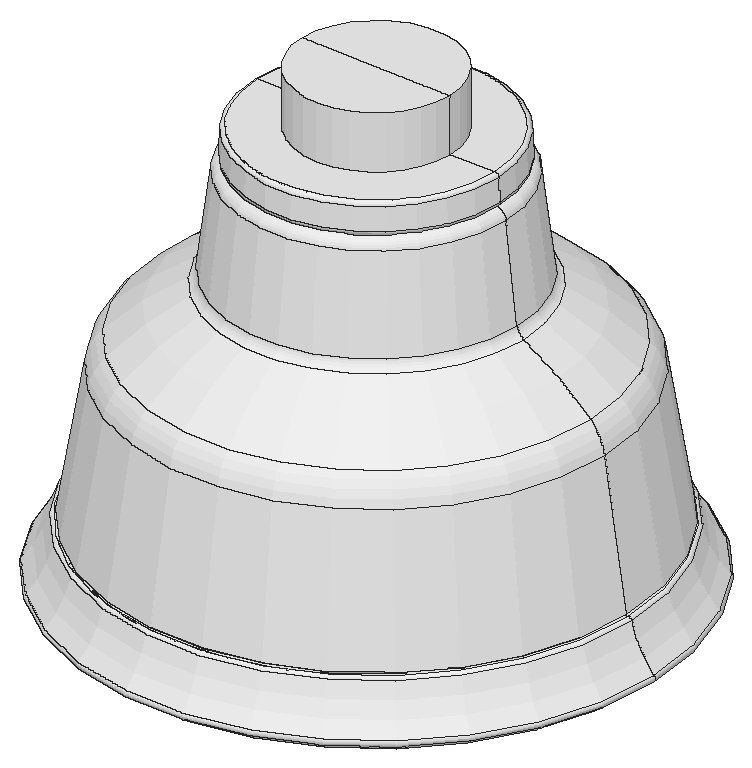
Revit family "Shower_Head-GROHE-Relexa_Rustic_100_Five-27126_Series", category Plumbing Fixtures, Revit 2014
Parameters (values of type "27126001")
  cUPC Compliant = yes
  Width = 4 1/64"  # constant formula
  Waste Connection = no
  Warranty Documentation Link = "https://cdn.cloud.grohe.com/tpi/1000/1900/1940/1949/1949006/original/1949006.pdf"
  WFU = 4
  Vent Connection = no
  URL = "https://www.grohe.us/"
  Tempered Water Connection Radius = 1/4"  # constant formula
  Tempered Water Connection Diameter = Tempered Water Connection Radius * 2  # 1/2"
  Product Page URL = "https://www.grohe.us/en_us/relexa-rustic-shower-head-5-sprays-27126001.html"
  Price = "Prices may vary. Please consult Manufacturer Representative for most up-to-date price list."  # constant formula
  Model = "27126001"
  Material = "Metal-Grohe-001-Chrome"
  Manufacturer = "GROHE"
  Hot Water Connection Radius = Tempered Water Connection Radius  # 1/4"
  Hot Water Connection Diameter = Hot Water Connection Radius * 2  # 1/2"
  Height = 3 25/32"  # constant formula
  HWFU = 3
  HW Connection = yes
  Flow Rate = "2.0GPM (7.6L/min)"
  Finish = Metal-Grohe-001-Chrome
  Description = "Relexa Rustic 100 Five Shower Head 5 Sprays"  # constant formula
  Default Elevation = 0"
  Creation Date = "2017/04/21"  # constant formula
  Cold Water Connection Radius = Hot Water Connection Radius  # 1/4"
  Cold Water Connection Diameter = Cold Water Connection Radius * 2  # 1/2"
  CWFU = 3
  CW Connection = yes
  Assembly Code = "D2010700"
Types (4): name | Product Page URL | Model | Material | Finish
  27126001 | "https://www.grohe.us/en_us/relexa-rustic-shower-head-5-sprays-27126001.html" | "27126001" | "Metal-Grohe-001-Chrome" | Metal-Grohe-001-Chrome
  27126BE1 | "https://www.grohe.us/en_us/relexa-rustic-100-five-shower-head-5-sprays-27126BE1.html" | "27126BE1" | "Metal-Grohe-BE1-Nickel" | Metal-Grohe-BE1-Nickel
  27126ZB1 | "https://www.grohe.us/en_us/relexa-rustic-100-five-shower-head-5-sprays-27126ZB1.html" | "27126ZB1" | "Metal-Grohe-ZB1-Oil Rubbed Bronze" | Metal-Grohe-ZB1-Oil Rubbed Bronze
  27126EN1 | "https://www.grohe.us/en_us/relexa-rustic-100-five-shower-head-5-sprays-27126EN1.html" | "27126EN1" | "Metal-Grohe-EN1-Brushed Nickel" | Metal-Grohe-EN1-Brushed Nickel
Reference planes (in)
  plane 1 "Center (Front/Back)": y = 0
  plane 2: z = 0
  plane 3 "Center (Left/Right)": x = 0
  plane 4: z = -3.78125
  plane 5: x = -2.00781
  plane 6: x = 2.00781
Forms (in)
  Revolve 1, solid, material "Metal-Grohe-001-Chrome" <- "Finish"
    sketch origin (0, 0, 0) x (1, 0, 0) y (0, 0, 1)
      loop
        line (0, 0) -> (-0.5315, 0) -> (-0.5315, -0.37992) -> (-0.85176, -0.37992)
        arc (-0.85176, -0.37992) -> (-0.87083, -0.38763) -> (-0.87919, -0.40641) r 0.02745
        line (-0.87919, -0.40641) -> (-0.88482, -0.56769)
        arc (-0.88482, -0.56769) -> (-0.87704, -0.58797) -> (-0.85704, -0.59646) r 0.02779
        arc (-0.85704, -0.59646) -> (-0.90666, -0.6179) -> (-0.93114, -0.66609) r 0.07959
        line (-0.93114, -0.66609) -> (-1.01175, -1.31519)
        arc (-1.01175, -1.31519) -> (-1.02713, -1.35587) -> (-1.05943, -1.38499) r 0.09229
        arc (-1.05943, -1.38499) -> (-1.31132, -1.54453) -> (-1.53899, -1.73706) r 2.1718
        arc (-1.53899, -1.73706) -> (-1.60546, -1.82596) -> (-1.64098, -1.93113) r 0.35241
        line (-1.64098, -1.93113) -> (-1.80347, -2.89194)
        arc (-1.80347, -2.89194) -> (-1.78767, -2.90184) -> (-1.76939, -2.90551) r 0.05182
        line (-1.76939, -2.90551) -> (-1.81028, -2.90551)
        arc (-1.81028, -2.90551) -> (-1.826, -2.91076) -> (-1.83541, -2.9244) r 0.02616
        arc (-1.83541, -2.9244) -> (-1.89977, -3.08141) -> (-1.99604, -3.22115) r 0.79326
        arc (-1.99604, -3.22115) -> (-2.00311, -3.24266) -> (-1.99289, -3.26286) r 0.02957
        arc (-1.99289, -3.26286) -> (-1.86813, -3.33527) -> (-1.72568, -3.35802) r 0.39478
        arc (-1.72568, -3.35802) -> (-0.88841, -3.6739) -> (0, -3.78125) r 3.72979
        line (0, -3.78125) -> (0, 0)
      axis (0, 0) -> (0, -3.78125)
    angle from 0 to 360
  Extrusion 2, solid, material "Metal-Grohe-001-Chrome" <- "Finish"
    sketch origin (0, 0, -5.36388) x (0, 1, 0) y (0, 0, 1)
      loop
        line (1.5042, 2.42866) -> (1.5042, 2.25374)
        arc (1.5042, 2.25374) -> (1.65155, 2.10662) -> (1.81326, 1.97545) r 2.02108
        arc (1.81326, 1.97545) -> (1.93826, 1.93472) -> (2.06326, 1.97545) r 0.21218
        arc (2.06326, 1.97545) -> (2.15243, 2.07465) -> (2.19375, 2.20147) r 0.32201
        arc (2.19375, 2.20147) -> (2.16538, 2.32482) -> (2.06695, 2.40439) r 0.19392
        arc (2.06695, 2.40439) -> (1.78743, 2.45968) -> (1.5042, 2.42866) r 0.93992
    from -0.10684 to 0.10555
Lines and regions (in)
  Masking region 1
    outline origin (0, 0, 0) x (1, 0, 0) y (0, 1, 0)
      loop
        arc (-0.10684, 1.99714) -> (0.00064, -2) -> (0.10555, 1.99721) r 2
        line (0.10555, 1.99721) -> (0.10555, 2.19375) -> (-0.10684, 2.19375) -> (-0.10684, 1.99714)
  model lines, style "Default"
    curve 1: line (0, -8.39698, 41.71415) -> (0, -8.39698, 41.7352)
  symbolic lines, detail levels medium+fine
    curve 2: arc (-0.10684, 1.99714, 0) -> (0, 2.00215, 0) -> (0.10684, 1.99714, 0) r 1.14169
    curve 3: circle (0, 0, 0) r 1.75 normal (0, 0, 1)
  symbolic lines, detail levels fine
    curve 4: circle (0, 0, 0) r 0.5315 normal (0, 0, 1)
    curve 5: circle (0, 0, 0) r 1.72568 normal (0, 0, 1)
    curve 6: circle (0, 0, 0) r 1.80347 normal (0, 0, 1)
Dimensions and locks (in)
  "Height": level to plane 4
  equal spacing: plane 6, plane 3 "Center (Left/Right)", plane 5
  "Width": plane 6 to plane 5
  aligned and locked: Revolve 1 sketch curve to plane 3 "Center (Left/Right)"  (x2)
  aligned and locked: level to Revolve 1 sketch curve
  aligned and locked: plane 4 to Revolve 1 sketch curve
  aligned and locked: plane 3 "Center (Left/Right)" to Revolve 1 sketch curve
Automatic sketch dimensions
  plane 1 "Center (Front/Back)" to curve 1 = 8.39698"
  level to curve 1 = 41.71415"
  curve 1 to curve 1 = 0.02105"
  Revolve 1 sketch curve to plane 3 "Center (Left/Right)" = 0.0261"
  Revolve 1 sketch curve to Revolve 1 sketch curve = 0.5315"
  Revolve 1 sketch curve to Revolve 1 sketch curve = 0.32026"
  Revolve 1 sketch curve to Revolve 1 sketch curve = 0.00039"
  Revolve 1 sketch curve to Revolve 1 sketch curve = 0.00489"
  Revolve 1 sketch curve to level = 0.40641"
  Revolve 1 sketch curve to Revolve 1 sketch curve = 0.02743"
  Revolve 1 sketch curve to level = 0.56769"
  Revolve 1 sketch curve to Revolve 1 sketch curve = 0.02778"
  Revolve 1 sketch curve to Revolve 1 sketch curve = 0.07899"
  Revolve 1 sketch curve to Revolve 1 sketch curve = 0.08061"
  Revolve 1 sketch curve to Revolve 1 sketch curve = 0.09158"
  Revolve 1 sketch curve to Revolve 1 sketch curve = 0.19016"
  Revolve 1 sketch curve to Revolve 1 sketch curve = 0.34748"
  plane 5 to Revolve 1 sketch curve = 0.27213"
  Revolve 1 sketch curve to Revolve 1 sketch curve = 0.03282"
  Revolve 1 sketch curve to Revolve 1 sketch curve = 0.00089"
  Revolve 1 sketch curve to Revolve 1 sketch curve = 0.03408"
  Revolve 1 sketch curve to Revolve 1 sketch curve = 0.00681"
  plane 5 to Revolve 1 sketch curve = 0.03419"
  Revolve 1 sketch curve to plane 5 = 0.58957"
  plane 4 to Revolve 1 sketch curve = 0.48604"
  plane 4 to Revolve 1 sketch curve = 0.54082"
  Revolve 1 sketch curve to Revolve 1 sketch curve = 0.27706"
  Revolve 1 sketch curve to Revolve 1 sketch curve = 0.0317"
  Revolve 1 sketch curve to Revolve 1 sketch curve = 0.02616"
  Revolve 1 sketch curve to Revolve 1 sketch curve = 0.01358"
  Revolve 1 sketch curve to Revolve 1 sketch curve = 0.20171"
  Revolve 1 sketch curve to Revolve 1 sketch curve = 0.86381"
  Revolve 1 sketch curve to Revolve 1 sketch curve = 0.05877"
  Revolve 1 sketch curve to Revolve 1 sketch curve = 27/64"
  Revolve 1 sketch curve to Revolve 1 sketch curve = 0.01137"
  Revolve 1 sketch curve to Revolve 1 sketch curve = 0.10821"
  Revolve 1 sketch curve to Revolve 1 sketch curve = 0.00981"
  Revolve 1 sketch curve to Revolve 1 sketch curve = 0.00096"
  Revolve 1 sketch curve to Revolve 1 sketch curve = 0.05146"
  Revolve 1 sketch curve to Revolve 1 sketch curve = 0"  (x3)
  Revolve 1 sketch curve to Revolve 1 sketch curve = 0.24795"
  level to Revolve 1 sketch curve = 1.04206"
  Revolve 1 sketch curve to Revolve 1 sketch curve = 0.20794"
  plane 4 to Extrusion 2 sketch curve = 0.67111"
  Extrusion 2 sketch curve to plane 1 "Center (Front/Back)" = 1.5042"
  Extrusion 2 sketch curve to plane 4 = 0.062"
  Extrusion 2 sketch curve to Extrusion 2 sketch curve = 0.24274"
  Extrusion 2 sketch curve to Extrusion 2 sketch curve = 0.36936"
  Extrusion 2 sketch curve to Extrusion 2 sketch curve = 0.0647"
  Extrusion 2 sketch curve to Extrusion 2 sketch curve = 0.06266"
  Extrusion 2 sketch curve to Extrusion 2 sketch curve = 1.003"
  Extrusion 2 sketch curve to Extrusion 2 sketch curve = 0.10683"
  Extrusion 2 sketch curve to Extrusion 2 sketch curve = 0.07515"
  Extrusion 2 sketch curve to Extrusion 2 sketch curve = 0.08875"
  Extrusion 2 sketch curve to Extrusion 2 sketch curve = 0.17493"
  Extrusion 2 sketch curve to Extrusion 2 sketch curve = 1.20419"
  Extrusion 2 sketch curve to Extrusion 2 sketch curve = 0"  (x3)
  plane 1 "Center (Front/Back)" to Masking region 1 sketch curve = 0"
  Masking region 1 sketch curve to plane 3 "Center (Left/Right)" = 0"
  plane 3 "Center (Left/Right)" to Masking region 1 sketch curve = 0.10555"
  Masking region 1 sketch curve to plane 3 "Center (Left/Right)" = 0.10684"
  Masking region 1 sketch curve to Masking region 1 sketch curve = 0.19661"
  Masking region 1 sketch curve to Masking region 1 sketch curve = 0.19654"
  Masking region 1 sketch curve to Masking region 1 sketch curve = 0"
  curve 3 to curve 4 = 0"  (x2)
  curve 3 to curve 5 = 0"  (x2)
  curve 3 to curve 6 = 0"  (x2)
  curve 4 to curve 5 = 0"  (x2)
  curve 4 to curve 6 = 0"  (x2)
  curve 5 to curve 6 = 0"  (x2)
  plane 1 "Center (Front/Back)" to curve 6 = 0"
  curve 6 to plane 3 "Center (Left/Right)" = 0"
  curve 2 to plane 3 "Center (Left/Right)" = 0"
  curve 2 to plane 1 "Center (Front/Back)" = 0.86046"
  curve 2 to plane 3 "Center (Left/Right)" = 0.10684"
  plane 3 "Center (Left/Right)" to curve 2 = 0.10684"
  curve 2 to curve 2 = 1.13668"
  radius of curve 3 = 1 3/4"
  radius of curve 4 = 0.5315"
  radius of curve 5 = 1.72568"
  radius of curve 6 = 1.80347"
Connectors (in)
  piping at (0, 0, 0), diameter 0.5, driven by "Tempered Water Connection Diameter"
    settings: on Revolve 1, index 1, connector inside diameter 24", connector length 0", flow factor 0, pipe flow 0 GPM, pressure drop 0.00 psi, fitting loss kfactor 0, connector angle 0.00°, fixture units 0, engagement length 0", angle of deflection 0.00°, flow configuration 0, flow direction 1, fitting loss method 0, system type 29, joint type 0, gender type 0, connector reference index -1, connector utility 0, adjustable connector no, is connector primary yes, connector description "1/2\" NPT Supply Inlet"
